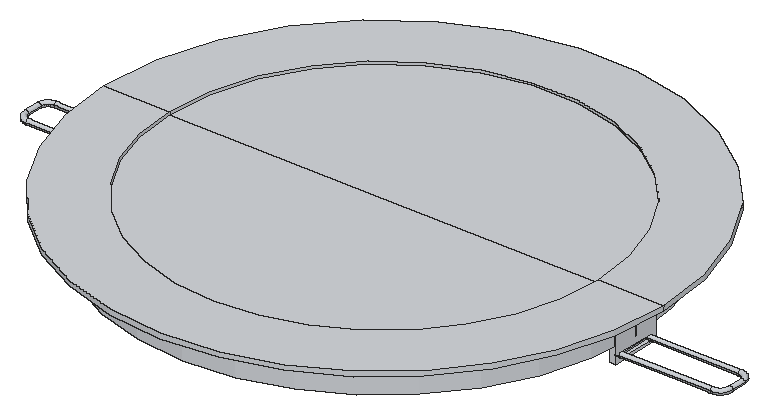
Revit family "0053954", category Lighting Fixtures, host Face, Revit 2017
Family settings
  Host = Face
  Round Connector Dimension = Use Diameter
  Part Type = Normal
  OmniClass Number = 23.80.70.00
  OmniClass Title = Lighting
  Cut with Voids When Loaded = No
  Light Source = Yes
  Shared = No
  Room Calculation Point = No
Parameters (values of type "0053954 SYLFLAT 205 IP44 1550LM 830 DIM")
  Weight = "4.57 kg"
  Wattage Comments = ""
  Wattage = 17 W
  WarrantyStartDate [instance] = "n/a"
  WarrantyGuarantorParts = "n/a"
  WarrantyDurationUnit = "n/a"
  WarrantyDurationParts = "n/a"
  WarrantyDescription = "n/a"
  built-in parameter 1150110 = 1 (stored number, unit not read)
  Voltage = 0 V
  URL = "http://www.sylvania-lighting.com"
  TypeName = "Sylflat 205 IP44 1550lm 830 DIM"
  Type Image = <None>
  Type Comments = "n/a"
  built-in parameter 1114217 = 1 (stored number, unit not read)
  Tilt Angle = -90.00°
  built-in parameter 1150109 = 1 (stored number, unit not read)
  built-in parameter 1150134 = (empty or 0)
  built-in parameter 1150113 = 1 (stored number, unit not read)
  SerialNumber [instance] = "n/a"
  SIZE_203_SYL = 1
  SIZE_155_SYL = 0
  R_DIFF_SYL = if(SIZE_155_SYL = 1, 63.5 mm, if(SIZE_203_SYL = 1, 86.5 mm, 40 mm))  # 86.5 mm
  R2_SYL = if(SIZE_155_SYL = 1, 77.5 mm, if(SIZE_203_SYL = 1, 101.5 mm, 52.5 mm))  # 101.5 mm
  R1_SYL = if(SIZE_155_SYL = 1, 86 mm, if(SIZE_203_SYL = 1, 113 mm, 60 mm))  # 113 mm
  Photometric Web File = "0053954.ies"
  LUM_HEIGHT_SYL = 15 mm - CHAMF_SYL  # 14 mm
  CLIP_SYL = 10 mm
  CLIP_HOLE_SYL = 2.5 mm
  CLIP_HOLE_HE_SYL = 8.5 mm
  CLIP_D_SYL = R2_SYL - 2.5 mm  # 99 mm
  CLIP_DIST_SYL = R2_SYL - 2.5 mm  # 99 mm
  CLIP_CUTOUT_SYL = 19 mm
  CHAMF_SYL = 1 mm
  Material_3_SYL = none
  PowerFactor = 0.9
  PowerConsumption = "17 W"
  NominalLength = 226 mm
  NominalHeight = 21 mm
  NominalDepth = 226 mm
  Name = "Sylflat 205 IP44 1550lm 830 DIM"
  ModelReference = Name  # "Sylflat 205 IP44 1550lm 830 DIM"
  ModelNumber = "0053954"
  Model = Name  # "Sylflat 205 IP44 1550lm 830 DIM"
  Material = "aluminium housing, other diffuser"
  ManufacturerName = "Feilo Sylvania"
  Manufacturer = "Feilo Sylvania"
  LuminousEfficacy = "91 lm/W"
  built-in parameter 1150105 = 123.11 (stored number, unit not read)
  Lumens = 1547 lm
  LuminaireType = ""
  built-in parameter 1150115 = 1 (stored number, unit not read)
  LightOutputRatio = "n/a"
  built-in parameter 1150137 = (empty or 0)
  built-in parameter 1150139 = (empty or 0)
  LampsType = Lamp  # "LED"
  LampNominalLuminous = "1550 lm"
  LampMacAdamStep = "3"
  LampColourTemperature = "3000 K"
  LampColourRenderingIndex = "80"
  built-in parameter 1150112 = 1 (stored number, unit not read)
  built-in parameter 1150114 = 1 (stored number, unit not read)
  Lamp = "LED"
  Keynote = "16500"
  InstallationDate [instance] = "n/a"
  InputVoltage = "n/a"
  InputNominalFrequency = "n/a"
  built-in parameter 1150132 = (empty or 0)
  built-in parameter 1150102 = (empty or 0)
  built-in parameter 1150107 = 3000 (stored number, unit not read)
  built-in parameter 1150138 = (empty or 0)
  IngressProtection = "IP44/20"
  ImpactProtectionIndex = "IK06"
  built-in parameter 1150106 = 1.2311 (stored number, unit not read)
  IfcExportType = "IfcLightFixtureType"
  IfcExportAs = "IfcLightFixtureType"
  Emit from Circle Diameter = 609.6 mm
  Emit Shape Visible in Rendering = no
  ElectricShockClassification = "Class II"
  built-in parameter 1150104 = 8.4542 (stored number, unit not read)
  DocumentationLiterature = "http://www.sylvania-lighting.com/product/en-int/products/0053954"
  DimmingControlOptions = "n/a"
  Material_2_SYL = none
  Dimming Lamp Color Temperature Shift = <None>
  Description = "Sylflat DIM is an integrated LED recessed downlight with separated phase dimmable driver; 17W; 1550Lm; 91Lm/W; 3000K; IP44 rated from the front; 50,000hrs (L70B50)."
  Default Elevation = 1219.2 mm
  CreatedOn = "8/6/2020"
  CreatedBy = "@sylvania-lighting.com"
  Cost = 0
  Color Filter = 16777215
  built-in parameter 1114216 [instance] = (empty or 0)
  ClassificationValue = "EF_70_80"
  ClassificationName = "Uniclass2015"
  Material_1_SYL = none
  CHAMF_2_SYL = 1 mm
  BarCode [instance] = "n/a"
  built-in parameter 1114218 = 1 (stored number, unit not read)
  built-in parameter 1150133 = 10 (stored number, unit not read)
  AssetType = "Fixed"
  AssetIdentifier [instance] = "n/a"
  Assembly Code = "D5020200"
  Apparent Load = 17 VA
  Material_4_SYL = none
Types (17, lengths in mm): name | Weight | Wattage | TypeName | built-in parameter 1150134 | SIZE_203_SYL | SIZE_155_SYL | R_DIFF_SYL | R2_SYL | R1_SYL | Photometric Web File | CLIP_D_SYL | CLIP_DIST_SYL | PowerFactor | PowerConsumption | NominalLength | NominalHeight | NominalDepth | Name | ModelReference | ModelNumber | Model | Material | LuminousEfficacy | built-in parameter 1150105 | Lumens | LampNominalLuminous | LampMacAdamStep | LampColourTemperature | built-in parameter 1150107 | built-in parameter 1150106 | built-in parameter 1150104 | DocumentationLiterature | Description | Apparent Load
  0053988 SYLFLAT 105 IP44 550LM 830 DIM | "3.555 kg" | 7 W | "Sylflat 105 IP44 550lm 830 DIM" | (empty or 0) | 0 | 1 | 63.5 | 77.5 | 86 | "0053988.ies" | 75 | 75 | 0 | "7 W" | 0 | 0 | 0 | "Sylflat 105 IP44 550lm 830 DIM" | "Sylflat 105 IP44 550lm 830 DIM" | "53988" | "Sylflat 105 IP44 550lm 830 DIM" | "n/a" | "78.57 lm/W" | 43.768 (stored number, unit not read) | 550 lm | "550 lm" | "3" | "3000 K" | 3000 (stored number, unit not read) | 0.43768 (stored number, unit not read) | 7.2995 (stored number, unit not read) | "http://www.sylvania-lighting.com/product/en-int/products/0053988" | "Sylflat DIM is an integrated LED recessed downlight with separated phase dimmable driver; 7W; 550Lm; 79Lm/W; 3000K; IP44 rated from the front; 50,000hrs (L70B50)." | 7 VA
  0053957 SYLFLAT 205 IP44 2250LM 840 DIM | "4.57 kg" | 24 W | "Sylflat 205 IP44 2250lm 840 DIM" | 12 | 1 | 0 | 86.5 | 101.5 | 113 | "0053957.ies" | 99 | 99 | 0.9 | "24 W" | 226 | 21 | 226 | "Sylflat 205 IP44 2250lm 840 DIM" | "Sylflat 205 IP44 2250lm 840 DIM" | "53957" | "Sylflat 205 IP44 2250lm 840 DIM" | "n/a" | "103 lm/W" | 196.72 (stored number, unit not read) | 2472 lm | "2250 lm" | "3" | "4000 K" | 4000 (stored number, unit not read) | 1.9672 (stored number, unit not read) | 9.569 (stored number, unit not read) | "http://www.sylvania-lighting.com/product/en-int/products/0053957" | "Sylflat DIM is an integrated LED recessed downlight with separated phase dimmable driver; 24W; 2250Lm; 103Lm/W; 4000K; IP44 rated from the front; 50,000hrs (L70B50)." | 24 VA
  0053956 SYLFLAT 205 IP44 2200LM 830 DIM | "4.57 kg" | 24 W | "Sylflat 205 IP44 2200lm 830 DIM" | (empty or 0) | 1 | 0 | 86.5 | 101.5 | 113 | "0053956.ies" | 99 | 99 | 0.9 | "24 W" | 226 | 21 | 226 | "Sylflat 205 IP44 2200lm 830 DIM" | "Sylflat 205 IP44 2200lm 830 DIM" | "53956" | "Sylflat 205 IP44 2200lm 830 DIM" | "n/a" | "100 lm/W" | 190.99 (stored number, unit not read) | 2400 lm | "2200 lm" | "3" | "3000 K" | 3000 (stored number, unit not read) | 1.9099 (stored number, unit not read) | 9.2903 (stored number, unit not read) | "http://www.sylvania-lighting.com/product/en-int/products/0053956" | "Sylflat DIM is an integrated LED recessed downlight with separated phase dimmable driver; 24W; 2200Lm; 100Lm/W; 3000K; IP44 rated from the front; 50,000hrs (L70B50)." | 24 VA
  0053955 SYLFLAT 205 IP44 1750LM 840 DIM | "4.57 kg" | 17 W | "Sylflat 205 IP44 1750lm 840 DIM" | 12 | 1 | 0 | 86.5 | 101.5 | 113 | "0053955.ies" | 99 | 99 | 0.9 | "17 W" | 226 | 21 | 226 | "Sylflat 205 IP44 1750lm 840 DIM" | "Sylflat 205 IP44 1750lm 840 DIM" | "53955" | "Sylflat 205 IP44 1750lm 840 DIM" | "aluminium housing, other diffuser" | "103 lm/W" | 139.34 (stored number, unit not read) | 1751 lm | "1750 lm" | "3" | "4000 K" | 4000 (stored number, unit not read) | 1.3934 (stored number, unit not read) | 9.569 (stored number, unit not read) | "http://www.sylvania-lighting.com/product/en-int/products/0053955" | "Sylflat DIM is an integrated LED recessed downlight with separated phase dimmable driver; 17W; 1750Lm; 103Lm/W; 4000K; IP44 rated from the front; 50,000hrs (L70B50)." | 17 VA
  0053954 SYLFLAT 205 IP44 1550LM 830 DIM | "4.57 kg" | 17 W | "Sylflat 205 IP44 1550lm 830 DIM" | (empty or 0) | 1 | 0 | 86.5 | 101.5 | 113 | "0053954.ies" | 99 | 99 | 0.9 | "17 W" | 226 | 21 | 226 | "Sylflat 205 IP44 1550lm 830 DIM" | "Sylflat 205 IP44 1550lm 830 DIM" | "0053954" | "Sylflat 205 IP44 1550lm 830 DIM" | "aluminium housing, other diffuser" | "91 lm/W" | 123.11 (stored number, unit not read) | 1547 lm | "1550 lm" | "3" | "3000 K" | 3000 (stored number, unit not read) | 1.2311 (stored number, unit not read) | 8.4542 (stored number, unit not read) | "http://www.sylvania-lighting.com/product/en-int/products/0053954" | "Sylflat DIM is an integrated LED recessed downlight with separated phase dimmable driver; 17W; 1550Lm; 91Lm/W; 3000K; IP44 rated from the front; 50,000hrs (L70B50)." | 17 VA
  0053953 SYLFLAT 155 IP44 1100LM 840 DIM | "3.27 kg" | 12 W | "Sylflat 155 IP44 1100lm 840 DIM" | 12 | 0 | 1 | 63.5 | 77.5 | 86 | "0053953.ies" | 75 | 75 | 0.9 | "12 W" | 172 | 21 | 172 | "Sylflat 155 IP44 1100lm 840 DIM" | "Sylflat 155 IP44 1100lm 840 DIM" | "53953" | "Sylflat 155 IP44 1100lm 840 DIM" | "aluminium housing, other diffuser" | "92 lm/W" | 87.854 (stored number, unit not read) | 1104 lm | "1100 lm" | "3" | "4000 K" | 4000 (stored number, unit not read) | 0.87854 (stored number, unit not read) | 8.5471 (stored number, unit not read) | "http://www.sylvania-lighting.com/product/en-int/products/0053953" | "Sylflat DIM is an integrated LED recessed downlight with separated phase dimmable driver; 12W; 1100Lm; 92Lm/W; 4000K; IP44 rated from the front; 50,000hrs (L70B50)." | 12 VA
  0053952 SYLFLAT 155 IP44 1000LM 830 DIM | "3.27 kg" | 12 W | "Sylflat 155 IP44 1000lm 830 DIM" | (empty or 0) | 0 | 1 | 63.5 | 77.5 | 86 | "0053952.ies" | 75 | 75 | 0.9 | "12 W" | 172 | 21 | 172 | "Sylflat 155 IP44 1000lm 830 DIM" | "Sylflat 155 IP44 1000lm 830 DIM" | "53952" | "Sylflat 155 IP44 1000lm 830 DIM" | "aluminium housing, other diffuser" | "83 lm/W" | 79.259 (stored number, unit not read) | 996 lm | "1000 lm" | "3" | "3000 K" | 3000 (stored number, unit not read) | 0.79259 (stored number, unit not read) | 7.711 (stored number, unit not read) | "http://www.sylvania-lighting.com/product/en-int/products/0053952" | "Sylflat DIM is an integrated LED recessed downlight with separated phase dimmable driver; 12W; 1000Lm; 83Lm/W; 3000K; IP44 rated from the front; 50,000hrs (L70B50)." | 12 VA
  0053951 ST E DOWNLIGHT FLT 205 IP44 2200 865 DIM | "4.57 kg" | 24 W | "START eco Downlight Flat 205 IP44 2200lm 865 DIM" | 1 | 1 | 0 | 86.5 | 101.5 | 113 | "0053951.ies" | 99 | 99 | 0.9 | "24 W" | 226 | 21 | 226 | "START eco Downlight Flat 205 IP44 2200lm 865 DIM" | "START eco Downlight Flat 205 IP44 2200lm 865 DIM" | "53951" | "START eco Downlight Flat 205 IP44 2200lm 865 DIM" | "n/a" | "92 lm/W" | 175.71 (stored number, unit not read) | 2208 lm | "2200 lm" | "5" | "6500 K" | 6500 (stored number, unit not read) | 1.7571 (stored number, unit not read) | 8.5471 (stored number, unit not read) | "http://www.sylvania-lighting.com/product/en-int/products/0053951" | "START eco Downlight Flat IP44 DIM is an integrated LED recessed downlight with separated phase dimmable driver; 24W; 2200Lm; 92Lm/W; 6500K; IP44 rated from the front; 30,000hrs (L70B50)." | 24 VA
  0053950 ST E DOWNLIGHT FLT 205 IP44 1700 865 DIM | "4.57 kg" | 17 W | "START eco Downlight Flat 205 IP44 1700lm 865 DIM" | 1 | 1 | 0 | 86.5 | 101.5 | 113 | "0053950.ies" | 99 | 99 | 0.9 | "17 W" | 226 | 21 | 226 | "START eco Downlight Flat 205 IP44 1700lm 865 DIM" | "START eco Downlight Flat 205 IP44 1700lm 865 DIM" | "53950" | "START eco Downlight Flat 205 IP44 1700lm 865 DIM" | "aluminium housing, other diffuser" | "100 lm/W" | 135.28 (stored number, unit not read) | 1700 lm | "1700 lm" | "5" | "6500 K" | 6500 (stored number, unit not read) | 1.3528 (stored number, unit not read) | 9.2903 (stored number, unit not read) | "http://www.sylvania-lighting.com/product/en-int/products/0053950" | "START eco Downlight Flat IP44 DIM is an integrated LED recessed downlight with separated phase dimmable driver; 17W; 1700Lm; 100Lm/W; 6500K; IP44 rated from the front; 30,000hrs (L70B50)." | 17 VA
  0053949 ST E DOWNLIGHT FLT 155 IP44 1100 865 DIM | "3.27 kg" | 12 W | "START eco Downlight Flat 155 IP44 1100lm 865 DIM" | 1 | 0 | 1 | 63.5 | 77.5 | 86 | "0053949.ies" | 75 | 75 | 0.9 | "12 W" | 172 | 21 | 172 | "START eco Downlight Flat 155 IP44 1100lm 865 DIM" | "START eco Downlight Flat 155 IP44 1100lm 865 DIM" | "53949" | "START eco Downlight Flat 155 IP44 1100lm 865 DIM" | "aluminium housing, other diffuser" | "92 lm/W" | 87.854 (stored number, unit not read) | 1104 lm | "1100 lm" | "5" | "6500 K" | 6500 (stored number, unit not read) | 0.87854 (stored number, unit not read) | 8.5471 (stored number, unit not read) | "http://www.sylvania-lighting.com/product/en-int/products/0053949" | "START eco Downlight Flat IP44 DIM is an integrated LED recessed downlight with separated phase dimmable driver; 12W; 1100Lm; 92Lm/W; 6500K; IP44 rated from the front; 30,000hrs (L70B50)." | 12 VA
  0053944 ST E DOWNLIGHT FLT 205 IP44 2250 840 DIM | "4.57 kg" | 24 W | "START eco Downlight Flat 205 IP44 2250lm 840 DIM" | 12 | 1 | 0 | 86.5 | 101.5 | 113 | "0053944.ies" | 99 | 99 | 0.9 | "24 W" | 226 | 21 | 226 | "START eco Downlight Flat 205 IP44 2250lm 840 DIM" | "START eco Downlight Flat 205 IP44 2250lm 840 DIM" | "53944" | "START eco Downlight Flat 205 IP44 2250lm 840 DIM" | "n/a" | "94 lm/W" | 179.53 (stored number, unit not read) | 2256 lm | "2250 lm" | "5" | "4000 K" | 4000 (stored number, unit not read) | 1.7953 (stored number, unit not read) | 8.7329 (stored number, unit not read) | "http://www.sylvania-lighting.com/product/en-int/products/0053944" | "START eco Downlight Flat IP44 DIM is an integrated LED recessed downlight with separated phase dimmable driver; 24W; 2250Lm; 94Lm/W; 4000K; IP44 rated from the front; 30,000hrs (L70B50)." | 24 VA
  0053942 ST E DOWNLIGHT FLT 205 IP44 1750 840 DIM | "4.57 kg" | 17 W | "START eco Downlight Flat 205 IP44 1750lm 840 DIM" | 12 | 1 | 0 | 86.5 | 101.5 | 113 | "0053942.ies" | 99 | 99 | 0.9 | "17 W" | 226 | 21 | 226 | "START eco Downlight Flat 205 IP44 1750lm 840 DIM" | "START eco Downlight Flat 205 IP44 1750lm 840 DIM" | "53942" | "START eco Downlight Flat 205 IP44 1750lm 840 DIM" | "aluminium housing, other diffuser" | "103 lm/W" | 139.34 (stored number, unit not read) | 1751 lm | "1750 lm" | "5" | "4000 K" | 4000 (stored number, unit not read) | 1.3934 (stored number, unit not read) | 9.569 (stored number, unit not read) | "http://www.sylvania-lighting.com/product/en-int/products/0053942" | "START eco Downlight Flat IP44 DIM is an integrated LED recessed downlight with separated phase dimmable driver; 17W; 1750Lm; 103Lm/W; 4000K; IP44 rated from the front; 30,000hrs (L70B50)." | 17 VA
  0053941 ST E DOWNLIGHT FLT 155 IP44 1100 840 DIM | "3.27 kg" | 12 W | "START eco Downlight Flat 155 IP44 1100lm 840 DIM" | 12 | 0 | 1 | 63.5 | 77.5 | 86 | "0053941.ies" | 75 | 75 | 0.9 | "12 W" | 172 | 21 | 172 | "START eco Downlight Flat 155 IP44 1100lm 840 DIM" | "START eco Downlight Flat 155 IP44 1100lm 840 DIM" | "53941" | "START eco Downlight Flat 155 IP44 1100lm 840 DIM" | "aluminium housing, other diffuser" | "92 lm/W" | 87.854 (stored number, unit not read) | 1104 lm | "1100 lm" | "5" | "4000 K" | 4000 (stored number, unit not read) | 0.87854 (stored number, unit not read) | 8.5471 (stored number, unit not read) | "http://www.sylvania-lighting.com/product/en-int/products/0053941" | "START eco Downlight Flat IP44 DIM is an integrated LED recessed downlight with separated phase dimmable driver; 12W; 1100Lm; 92Lm/W; 4000K; IP44 rated from the front; 30,000hrs (L70B50)." | 12 VA
  0053940 ST E DOWNLIGHT FLT 205 IP44 2200 830 DIM | "4.57 kg" | 24 W | "START eco Downlight Flat 205 IP44 2200lm 830 DIM" | (empty or 0) | 1 | 0 | 86.5 | 101.5 | 113 | "0053940.ies" | 99 | 99 | 0.9 | "24 W" | 226 | 21 | 226 | "START eco Downlight Flat 205 IP44 2200lm 830 DIM" | "START eco Downlight Flat 205 IP44 2200lm 830 DIM" | "53940" | "START eco Downlight Flat 205 IP44 2200lm 830 DIM" | "n/a" | "92 lm/W" | 175.71 (stored number, unit not read) | 2208 lm | "2200 lm" | "5" | "3000 K" | 3000 (stored number, unit not read) | 1.7571 (stored number, unit not read) | 8.5471 (stored number, unit not read) | "http://www.sylvania-lighting.com/product/en-int/products/0053940" | "START eco Downlight Flat IP44 DIM is an integrated LED recessed downlight with separated phase dimmable driver; 24W; 2200Lm; 92Lm/W; 3000K; IP44 rated from the front; 30,000hrs (L70B50)." | 24 VA
  0053938 ST E DOWNLIGHT FLT 205 IP44 1550 830 DIM | "4.57 kg" | 17 W | "START eco Downlight Flat 205 IP44 1550lm 830 DIM" | (empty or 0) | 1 | 0 | 86.5 | 101.5 | 113 | "0053938.ies" | 99 | 99 | 0.9 | "17 W" | 226 | 21 | 226 | "START eco Downlight Flat 205 IP44 1550lm 830 DIM" | "START eco Downlight Flat 205 IP44 1550lm 830 DIM" | "53938" | "START eco Downlight Flat 205 IP44 1550lm 830 DIM" | "aluminium housing, other diffuser" | "91 lm/W" | 123.11 (stored number, unit not read) | 1547 lm | "1550 lm" | "5" | "3000 K" | 3000 (stored number, unit not read) | 1.2311 (stored number, unit not read) | 8.4542 (stored number, unit not read) | "http://www.sylvania-lighting.com/product/en-int/products/0053938" | "START eco Downlight Flat IP44 DIM is an integrated LED recessed downlight with separated phase dimmable driver; 17W; 1550Lm; 91Lm/W; 3000K; IP44 rated from the front; 30,000hrs (L70B50)." | 17 VA
  0053937 ST E DOWNLIGHT FLT 155 IP44 1000 830 DIM | "3.27 kg" | 12 W | "START eco Downlight Flat 155 IP44 1000lm 830 DIM" | (empty or 0) | 0 | 1 | 63.5 | 77.5 | 86 | "0053937.ies" | 75 | 75 | 0.9 | "12 W" | 172 | 21 | 172 | "START eco Downlight Flat 155 IP44 1000lm 830 DIM" | "START eco Downlight Flat 155 IP44 1000lm 830 DIM" | "53937" | "START eco Downlight Flat 155 IP44 1000lm 830 DIM" | "aluminium housing, other diffuser" | "83 lm/W" | 79.259 (stored number, unit not read) | 996 lm | "1000 lm" | "5" | "3000 K" | 3000 (stored number, unit not read) | 0.79259 (stored number, unit not read) | 7.711 (stored number, unit not read) | "http://www.sylvania-lighting.com/product/en-int/products/0053937" | "START eco Downlight Flat IP44 DIM is an integrated LED recessed downlight with separated phase dimmable driver; 12W; 1000Lm; 83Lm/W; 3000K; IP44 rated from the front; 30,000hrs (L70B50)." | 12 VA
  0053989 SYLFLAT 105 IP44 600LM 840 DIM | "3.555 kg" | 7 W | "Sylflat 105 IP44 600lm 840 DIM" | 12 | 0 | 1 | 63.5 | 77.5 | 86 | "0053989.ies" | 75 | 75 | 0 | "7 W" | 0 | 0 | 0 | "Sylflat 105 IP44 600lm 840 DIM" | "Sylflat 105 IP44 600lm 840 DIM" | "53989" | "Sylflat 105 IP44 600lm 840 DIM" | "n/a" | "85.71 lm/W" | 47.746 (stored number, unit not read) | 600 lm | "600 lm" | "3" | "4000 K" | 4000 (stored number, unit not read) | 0.47746 (stored number, unit not read) | 7.9631 (stored number, unit not read) | "http://www.sylvania-lighting.com/product/en-int/products/0053989" | "Sylflat DIM is an integrated LED recessed downlight with separated phase dimmable driver; 7W; 600Lm; 86Lm/W; 4000K; IP44 rated from the front; 50,000hrs (L70B50)." | 7 VA
Reference planes
  plane 1 "Center (Front/Back)": y = 0
  plane 2: z = 0
  plane 3 "Center (Left/Right)": x = 0
  plane 4: z = 1
  plane 5: z = -1
  plane 6: z = -14
  plane 7: x = 113
  plane 8: x = 86.5
  plane 9: x = 101.5
  plane 10: x = 0
  plane 11: x = -96
  plane 12: x = -101.5
  plane 13: y = 10
  plane 14: y = -10
  plane 15: x = 99
  plane 16: z = -19
  plane 17: z = -16.5
  plane 18: y = -8.5
  plane 19: y = 8.5
  plane 20: x = -99
Forms (mm)
  Revolve 1, solid
    sketch origin (0, 0, 0) x (1, 0, 0) y (0, 0, 1)
      loop
        line (0, 0) -> (0, -14) -> (101.5, -14) -> (101.5, -1) -> (113, -1) -> (113, 1) -> (86.5, 1) -> (86.5, 0) -> (0, 0)
      axis (0, 1) -> (0, -14)
    angle from 360 to 0
  Extrusion 2, solid
    sketch origin (0, 0, 0) x (1, 0, 0) y (0, 1, 0)
      loop
        line (99, 10) -> (99, -10) -> (101.5, -10) -> (101.5, 10) -> (99, 10)
      loop
        line (-99, 10) -> (-101.5, 10) -> (-101.5, -10) -> (-99, -10) -> (-99, 10)
    from -20 to -1
  Extrusion 3, void
    sketch origin (319, 1524, 1219.2) x (0, 1, 0) y (0, 0, 1)
      loop
        line (-1515.5, -1238.2) -> (-1515.5, -1235.7) -> (-1532.5, -1235.7) -> (-1532.5, -1238.2) -> (-1515.5, -1238.2)
    from -440.059 to 10
  Sweep 4, solid
    path origin (-31.995, -2.046, -2.165) x (1, 0, 0) y (0, 1, 0)
      loop
        arc (-106, 9.306) -> (-108.828, 8.135) -> (-110, 5.306) r 4
        line (-110, 5.306) -> (-110, -0.922)
        arc (-110, -0.922) -> (-108.828, -3.75) -> (-106, -4.922) r 4
        line (-106, -4.922) -> (-68, -4.922) -> (-68, 9.306) -> (-106, 9.306)
    profile origin (-118.995, 7.26, -2.165) x (0, 1, 0) y (0, 0, 1)
      loop
        circle (0, -15.572) r 0.967
  Sweep 5, solid
    path origin (31.995, -2.046, -2.165) x (-1, 0, 0) y (0, -1, 0)
      loop
        line (-106, -9.306) -> (-68, -9.306) -> (-68, 4.922) -> (-106, 4.922)
        arc (-106, 4.922) -> (-108.828, 3.75) -> (-110, 0.922) r 4
        line (-110, 0.922) -> (-110, -5.306)
        arc (-110, -5.306) -> (-108.828, -8.135) -> (-106, -9.306) r 4
    profile origin (118.995, 7.26, -2.165) x (0, -1, 0) y (0, 0, 1)
      loop
        circle (0, -15.572) r 0.967
Cuts and joins
  Extrusion 3 cuts Extrusion 2
Dimensions and locks
  "LUM_HEIGHT_SYL": host face to plane 6
  "CHAMF_2_SYL": host face to plane 5
  "CHAMF_SYL": plane 4 to host face
  "R_DIFF_SYL": plane 8 to plane 3 "Center (Left/Right)"
  "R2_SYL": plane 3 "Center (Left/Right)" to plane 9
  "R1_SYL": plane 7 to plane 3 "Center (Left/Right)"
  "CLIP_SYL": plane 14 to plane 1 "Center (Front/Back)" to plane 13
  "CLIP_D_SYL": plane 10 to plane 15
  "R2_SYL": plane 10 to plane 9
  "CLIP_CUTOUT_SYL": host face to plane 16
  "CLIP_HOLE_SYL": plane 17 to plane 16
  "CLIP_HOLE_HE_SYL": plane 19 to plane 1 "Center (Front/Back)" to plane 18
  "R2_SYL": plane 12 to plane 10
  "CLIP_D_SYL": plane 20 to plane 3 "Center (Left/Right)"
  aligned and locked: plane 2 to host face
  aligned and locked: level to host face
  aligned and locked: Revolve 1 sketch curve to plane 3 "Center (Left/Right)"
  aligned and locked: plane 13 to Extrusion 2 sketch curve
  aligned and locked: Extrusion 2 sketch curve to plane 15
  aligned and locked: Extrusion 2 sketch curve to plane 14
  aligned and locked: plane 9 to Extrusion 2 sketch curve
  aligned and locked: Extrusion 3 sketch curve to plane 16
  aligned and locked: plane 19 to Extrusion 3 sketch curve
  aligned and locked: Extrusion 3 sketch curve to plane 17
  aligned and locked: Extrusion 3 sketch curve to plane 18
  aligned and locked: Extrusion 2 sketch curve to plane 13
  aligned and locked: Extrusion 2 sketch curve to plane 20
  aligned and locked: plane 14 to Extrusion 2 sketch curve
  aligned and locked: plane 12 to Extrusion 2 sketch curve
Automatic sketch dimensions
  host sketch curve to host sketch curve = 2438.4 mm  (x2)
  Revolve 1 sketch curve to level = 0 mm
  Revolve 1 sketch curve to plane 3 "Center (Left/Right)" = 0 mm
  plane 8 to Revolve 1 sketch curve = 0 mm
  Revolve 1 sketch curve to plane 6 = 0 mm
  plane 9 to Revolve 1 sketch curve = 0 mm
  Revolve 1 sketch curve to plane 5 = 0 mm
  plane 7 to Revolve 1 sketch curve = 0 mm
  Revolve 1 sketch curve to plane 4 = 0 mm
  Revolve 1 sketch curve to plane 16 = 584.6 mm
  Revolve 1 sketch curve to plane 4 = 2608.058 mm
  plane 1 "Center (Front/Back)" to Sweep 4 sketch curve = 2.968 mm
  plane 12 to Sweep 4 sketch curve = 40.495 mm
  Sweep 4 sketch curve to plane 18 = 1.532 mm
  Sweep 4 sketch curve to Sweep 4 sketch curve = 4 mm
  plane 20 to Sweep 4 sketch curve = 0.995 mm
  Sweep 4 sketch curve to plane 1 "Center (Front/Back)" = 3.26 mm
  Sweep 4 sketch curve to profile plane = 0 mm
  Sweep 4 sketch curve to profile plane = 15.572 mm
  plane 1 "Center (Front/Back)" to Sweep 5 sketch curve = 2.968 mm
  Sweep 5 sketch curve to plane 7 = 28.995 mm
  Sweep 5 sketch curve to plane 18 = 1.532 mm
  Sweep 5 sketch curve to Sweep 5 sketch curve = 4 mm
  Sweep 5 sketch curve to plane 15 = 0.995 mm
  Sweep 5 sketch curve to plane 1 "Center (Front/Back)" = 3.26 mm
  Sweep 5 sketch curve to profile plane = 0 mm
  Sweep 5 sketch curve to profile plane = 15.572 mm
  radius of Sweep 4 sketch curve = 0.967 mm
  radius of Sweep 5 sketch curve = 0.967 mm
